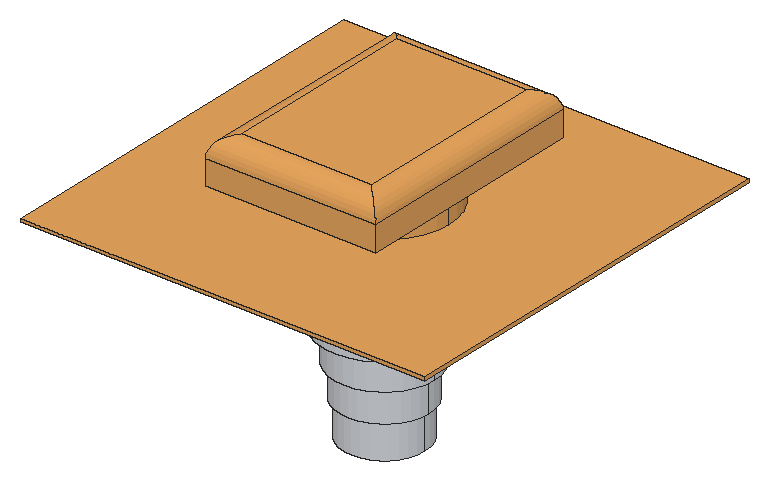
Revit family "CADS_AIRFLOWdev_AirTerminal_UniversalRoofTerminal_Intake", category Air Terminals, host Face, Revit 2015
Parameters (values of type "Terracotta")
  WorkExecutionLevel = "N/A"
  WeeklyMaintenance = "N/A"
  WarrantyStartDate [instance] = "N/A"
  WarrantyPeriod = "2"
  WarrantyIdentifier = "N/A"
  WarrantyGuarantorParts = "info@airflow.com"
  WarrantyGuarantorLabor = "info@airflow.com"
  WarrantyGuarantor = "Airflow Developments Ltd"
  WarrantyEndDate [instance] = "N/A"
  WarrantyContent = "Replacement of part if faulty"
  Uniclass2015 = "Pr_65_70_46_01"
  Terminal = CADS_AirFlow_Terracotta
  TagNumber [instance] = "N/A"
  Status [instance] = "New"
  Size = "215 x 500 x 500"
  ShippingWeight = 1.836 kg
  Shape = "OTHER"
  ServiceLifeType = "EXPECTEDSERVICELIFE"
  ServiceLifeDuration = "10"
  SerialNumber [instance] = "N/A"
  ReplacementCost = "157.26"
  QuarterlyMaintenance = "N/A"
  QualityOfComponents = "N/A"
  ProductionYear = "2017"
  ProductLiterature = "N/A"
  PointOfContact = "Airflow Developments Ltd"
  OutdoorEnviornment = "N/A"
  OperationAndMaintenanceManual = "N/A"
  NumberOfSlots = 0
  NominalWidth = 500 mm
  NominalLength = 215 mm
  NominalHeight = 500 mm
  NBSCode = "90-75-50/370 Air terminals;"
  MountingType = "SURFACE"
  MonthlyMaintenance = "N/A"
  ModelReference = "90000351"
  ModelLabel = "Universal Roof Terminal & Adaptor - Terracotta"
  MeanTimeBetweenFailure = "N/A"
  Material = "Plastic"
  ManufacturerWebsite = "www.airflow.com"
  ManufacturerTelephone = "01494 525252"
  ManufacturerE-Mail = "info@airflow.com"
  ManufacturerAddress = "Aidelle House\nLancaster Road\nCressex Business Park\nHigh Wycombe\nBucks\nHP123QP"
  Manufacturer = "Airflow Developments Ltd"
  MaintenanceRequired8001to12000hrs = "N/A"
  MaintenanceRequired601to1000hrs = "N/A"
  MaintenanceRequired4001to8000hrs = "N/A"
  MaintenanceRequired301to600hrs = "N/A"
  MaintenanceRequired2001to4000hrs = "N/A"
  MaintenanceRequired1001to2000hrs = "N/A"
  MaintenanceRequired0to300hrs = "N/A"
  MaintenanceLevel = "N/A"
  IsExtendedWarranty = no
  IndoorEnviornment = "N/A"
  InUseConditions = "N/A"
  ISO90001 = yes
  ISO140001 = yes
  HasThermalInsulation = no
  HasSoundAttenuator = no
  HasIntegralControl = no
  GrossWeight = 1.53 kg
  Grade = "Virgin"
  GlobalTradeItemNumber = "5019009313139"
  FlowControlType = "NONE"
  Flow [instance] = 0.0 L/s
  Features [instance] = "Universal Roof Terminal & Adaptor - Terracotta"
  FaceType = "LOUVERED"
  Exclusions = "Incorrect Use / Incorrect Installation / Installed by a non-accredited electrician. Customer abuse."
  DurationUnit = "Years"
  Duct_Dia [instance] = 160 mm
  Duct [instance] = if(Duct_Dia = 100 mm, 43 mm, if(Duct_Dia = 110 mm, 83 mm, if(Duct_Dia = 125 mm, 123 mm, if(Duct_Dia = 150 mm, 163 mm, if(Duct_Dia = 160 mm, 213 mm, 213 mm)))))  # 213 mm
  DesignLevel = "N/A"
  Description = "Universal Roof Terminal & Adaptor - Terracotta"
  Default Elevation = 1219.2 mm
  DailyMaintenance = "N/A"
  Constituents = "Terracotta"
  Color = "Terracotta"
  CodePerformance = "N/A"
  CEApproval = yes
  BespokeTimeFrameMaintenance = "N/A"
  AssetType = "Fixed"
  AssetIdentifier [instance] = "N/A"
  AssemblyPlace = "N/A"
  AnnualMaintenance = "N/A"
  AirflowRateRange = "0-61"
  AccessibilityPerformance = "N/A"
  6MonthlyMaintenance = "Visually inspect system, clean the fan and ducting if necessary"
Types (4, lengths in mm): name | Terminal | ModelReference | ModelLabel | GlobalTradeItemNumber | Features | Description | Constituents | Color
  (no name) | CADS_AirFlow_Terracotta | "90000351" | "Universal Roof Terminal & Adaptor - Terracotta" | "5019009313139" | "Universal Roof Terminal & Adaptor - Terracotta" | "Universal Roof Terminal & Adaptor - Terracotta" | "Terracotta" | "Terracotta"
  Anthracite | CADS_AirFlow_Anthracite | "90000349" | "Universal Roof Terminal & Adaptor - Anthracite" | "5019009313115" | "Universal Roof Terminal & Adaptor - Anthracite" | "Universal Roof Terminal & Adaptor - Anthracite" | "Anthracite" | "Anthracite"
  Sepia | CADS_AirFlow_Sepia | "90000350" | "Universal Roof Terminal & Adaptor - Sepia" | "5019009313122" | "Universal Roof Terminal & Adaptor - Sepia" | "Universal Roof Terminal & Adaptor - Sepia" | "Sepia" | "Sepia"
  Terracotta | CADS_AirFlow_Terracotta | "90000351" | "Universal Roof Terminal & Adaptor - Terracotta" | "5019009313139" | "Universal Roof Terminal & Adaptor - Terracotta" | "Universal Roof Terminal & Adaptor - Terracotta" | "Terracotta" | "Terracotta"
Reference planes
  plane 1 "Center (Front/Back)": y = 0
  plane 2: z = 0
  plane 3 "Center (Left/Right)": x = 0
  plane 4: x = -250
  plane 5: y = 250
  plane 6: x = 250
  plane 7: y = -250
  plane 8 "Box Base": z = 45
  plane 9: x = -105
  plane 10: x = 105
  plane 11: y = 145
  plane 12: y = -145
  plane 13: z = 100
  plane 14 "Connector": z = -45
  plane 15 "Connector Base": z = -258
Forms (mm)
  Extrusion 1, solid, material "CADS_AirFlow_Terracotta" <- "Terminal"
    sketch origin (0, 0, 0) x (1, 0, 0) y (0, 1, 0)
      loop
        line (250, -250) -> (250, 250) -> (-250, 250) -> (-250, -250) -> (250, -250)
    from 0 to 4
  Extrusion 2, solid, material "CADS_AirFlow_Terracotta" <- "Terminal"
    sketch origin (0, 0, 0) x (1, 0, 0) y (0, 0, 1)
      loop
        line (-105, 45) -> (105, 45) -> (105, 75)
        arc (105, 75) -> (97.678, 92.678) -> (80, 100) r 25
        line (80, 100) -> (-80, 100)
        arc (-80, 100) -> (-97.678, 92.678) -> (-105, 75) r 25
        line (-105, 75) -> (-105, 45)
    from -145 to 145
  Extrusion 3, void
    sketch origin (0, 0, 0) x (0, 1, 0) y (0, 0, 1)
      loop
        line (-120, 100) -> (120, 100)
        arc (120, 100) -> (137.678, 92.678) -> (145, 75) r 25
        line (145, 75) -> (175, 75) -> (175, 145) -> (-175, 145) -> (-175, 75) -> (-145, 75)
        arc (-145, 75) -> (-137.678, 92.678) -> (-120, 100) r 25
    from -194.984 to 250
  Extrusion 4, solid, material "CADS_AirFlow_Terracotta" <- "Terminal"
    sketch origin (0, 0, 0) x (1, 0, 0) y (0, 1, 0)
      loop
        circle (0, 0) r 80
    from -45 to 45
  Revolve 5, solid
    sketch origin (0, 0, -6.969) x (1, 0, 0) y (0, 0, 1)
      loop
        line (0, -38.031) -> (0, -251.031) -> (50, -251.031) -> (50, -208.031) -> (55, -208.031) -> (55, -168.031) -> (62.5, -168.031) -> (62.5, -128.031) -> (75, -128.031) -> (75, -88.031) -> (80, -88.031) -> (80, -38.031) -> (0, -38.031)
      axis (0, -38.031) -> (0, -251.031)
    angle from 0 to 360
  Extrusion 6, solid
    sketch origin (0, 0, -258) x (-1, 0, 0) y (0, -1, 0)
      loop
        circle (0, 0) r 30
    from 0 to 213 <- "Duct"
Cuts and joins
  Extrusion 3 cuts Extrusion 2
Dimensions and locks
  equal spacing: plane 4, plane 3 "Center (Left/Right)", plane 6
  equal spacing: plane 5, plane 1 "Center (Front/Back)", plane 7
  locked: plane 5 to plane 7 at 500
  locked: plane 4 to plane 6 at 500
  locked: plane 8 "Box Base" to level at 45
  equal spacing: plane 11, plane 1 "Center (Front/Back)", plane 12
  equal spacing: plane 9, plane 3 "Center (Left/Right)", plane 10
  locked: plane 11 to plane 12 at 290
  locked: plane 9 to plane 10 at 210
  locked: plane 13 to plane 8 "Box Base" at 55
  locked: level to plane 14 "Connector" at 45
  Revolve 5 sketch curve to Revolve 5 sketch curve to Revolve 5 sketch curve to Revolve 5 sketch curve to Revolve 5 sketch curve to Revolve 5 sketch curve = 50 mm locked, 40 mm locked, 40 mm locked, 40 mm locked, 43 mm locked
  locked: Revolve 5 sketch curve to Revolve 5 sketch curve at 50
  locked: Revolve 5 sketch curve to Revolve 5 sketch curve at 55
  locked: Revolve 5 sketch curve to Revolve 5 sketch curve at 62.5
  locked: Revolve 5 sketch curve to Revolve 5 sketch curve at 75
  locked: Revolve 5 sketch curve to Revolve 5 sketch curve at 80
  plane 14 "Connector" to plane 15 "Connector Base" = 213 mm
  diameter of Extrusion 4 sketch curve = 160 mm
  aligned and locked: plane 2 to host face
  aligned and locked: level to host face
  aligned and locked: Extrusion 1 sketch curve to plane 6
  aligned and locked: Extrusion 1 sketch curve to plane 5
  aligned and locked: plane 11 to Extrusion 2
  aligned and locked: Extrusion 2 to plane 12
  aligned and locked: plane 8 "Box Base" to Extrusion 4
  aligned and locked: Revolve 5 sketch curve to plane 3 "Center (Left/Right)"
  aligned and locked: Extrusion 4 to plane 14 "Connector"
Automatic sketch dimensions
  host sketch curve to host sketch curve = 2438.4 mm  (x2)
  Extrusion 1 sketch curve to plane 4 = 0 mm
  Extrusion 1 sketch curve to plane 7 = 0 mm
  Extrusion 2 sketch curve to plane 8 "Box Base" = 0 mm
  Extrusion 2 sketch curve to plane 9 = 0 mm
  Extrusion 2 sketch curve to plane 13 = 0 mm
  Extrusion 2 sketch curve to plane 10 = 0 mm
  plane 9 to Extrusion 2 sketch curve = 25 mm
  plane 8 "Box Base" to Extrusion 2 sketch curve = 30 mm
  Extrusion 3 sketch curve to plane 12 = 0 mm
  Extrusion 3 sketch curve to plane 13 = 0 mm
  Extrusion 3 sketch curve to plane 11 = 0 mm
  Extrusion 3 sketch curve to Extrusion 3 sketch curve = 30 mm
  plane 12 to Extrusion 3 sketch curve = 25 mm
  plane 11 to Extrusion 3 sketch curve = 30 mm
  plane 13 to Extrusion 3 sketch curve = 45 mm
  Extrusion 3 sketch curve to plane 13 = 25 mm
  plane 1 "Center (Front/Back)" to Extrusion 4 sketch curve = 0 mm
  Extrusion 4 sketch curve to plane 3 "Center (Left/Right)" = 0 mm
  Revolve 5 sketch curve to plane 3 "Center (Left/Right)" = 0 mm
  Revolve 5 sketch curve to plane 15 "Connector Base" = 0 mm
  Revolve 5 sketch curve to Revolve 5 sketch curve = 358.569 mm
  plane 13 to Revolve 5 sketch curve = 2502.089 mm
  plane 1 "Center (Front/Back)" to Extrusion 6 sketch curve = 0 mm
  Extrusion 6 sketch curve to plane 3 "Center (Left/Right)" = 0 mm
  radius of Extrusion 6 sketch curve = 30 mm
Connectors
  hvac at (0, 0, -45), driven by "Duct_Dia", driven by "Flow"
    settings: on Extrusion 6, index 1, duct flow 0.0 L/s, flow factor 0, pres drop 0.0 Pa, loss coef 0, conn angle 0.00°, conn width 304.8 mm, conn height 304.8 mm, conn diameter 160 mm, duct sys type 4, conn prof type 0, flow config 0, flow direction 2, loss method 0, conn ref index -1, conn util no, is conn primary yes, conn desc ""
